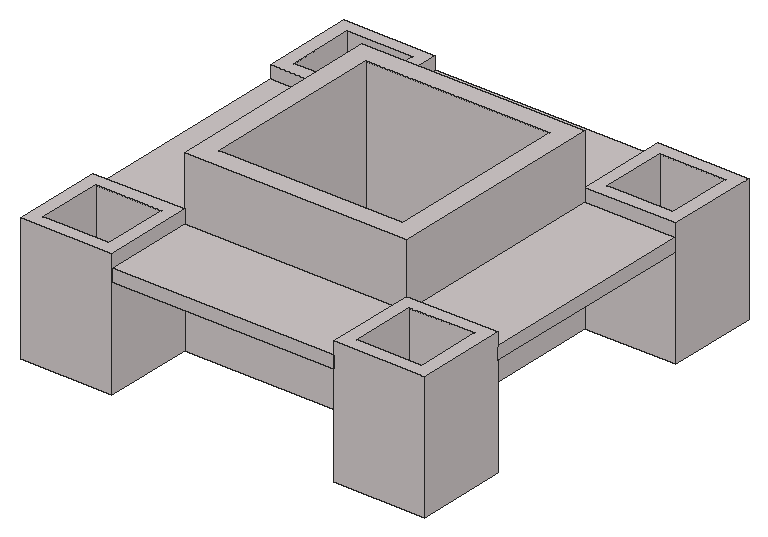
Revit family
Parameters (values of type "1600 x1600 mm")
  Width = 1600 mm
  Material of Planter = Planter Material
  Length = 1600 mm
Types (3, lengths in mm): name | Material of Planter
  (no name) | Planter Material
  2000 x 1650 mm | none
  1600 x1600 mm | Planter Material
Reference planes
  plane 1 "Center (Front/Back)": y = -5
  plane 2: z = 0
  plane 3 "Center (Left/Right)": x = 0
  plane 4: z = 700
  plane 5: x = -811.107
  plane 6: x = -450
  plane 7: x = 428.893
  plane 8: x = 788.893
  plane 9: y = 810.848
  plane 10: y = 450
  plane 11: y = -429.152
  plane 12: y = -789.152
  plane 13: z = 450
  plane 14: z = 500
Forms (mm)
  Extrusion 1, solid, material "Planter Material" <- "Material of Planter"
    sketch origin (0, 0, 0) x (1, 0, 0) y (0, 1, 0)
      loop
        line (-450, 450) -> (-450, -429.152) -> (428.893, -429.152) -> (428.893, 450) -> (-450, 450)
      loop
        line (-375, 375) -> (-375, -353.893) -> (353.893, -353.893) -> (353.893, 375) -> (-375, 375)
    from 0 to 700
  Extrusion 2, solid, material "Planter Material" <- "Material of Planter"
    sketch origin (0, 0, 0) x (1, 0, 0) y (0, 1, 0)
      loop
        line (-450, -428.893) -> (-450, -789.152) -> (428.893, -789.152) -> (428.893, -428.893) -> (-450, -428.893)
      loop
        line (-450, 450) -> (428.893, 450) -> (428.893, 810.848) -> (-450, 810.848) -> (-450, 450)
    from 400 to 450
  Extrusion 3, solid, material "Planter Material" <- "Material of Planter"
    sketch origin (0, 0, 0) x (1, 0, 0) y (0, 1, 0)
      loop
        line (428.893, 450) -> (428.893, -429.152) -> (788.893, -429.152) -> (788.893, 450) -> (428.893, 450)
      loop
        line (-450, 450) -> (-811.107, 450) -> (-811.107, -429.152) -> (-450, -429.152) -> (-450, 450)
    from 400 to 450
  Extrusion 4, solid, material "Planter Material" <- "Material of Planter"
    sketch origin (0, 0, 0) x (1, 0, 0) y (0, 1, 0)
      loop
        line (428.893, 810.848) -> (428.893, 450) -> (788.893, 450) -> (788.893, 810.848) -> (428.893, 810.848)
      loop
        line (428.893, -789.152) -> (788.893, -789.152) -> (788.893, -429.152) -> (428.893, -429.152) -> (428.893, -789.152)
      loop
        line (-811.107, -429.152) -> (-811.107, -789.152) -> (-450, -789.152) -> (-450, -429.152) -> (-811.107, -429.152)
      loop
        line (-450, 810.848) -> (-811.107, 810.848) -> (-811.107, 450) -> (-450, 450) -> (-450, 810.848)
      loop
        line (-500, 760.848) -> (-761.107, 760.848) -> (-761.107, 500) -> (-500, 500) -> (-500, 760.848)
      loop
        line (478.893, 760.848) -> (478.893, 500) -> (738.893, 500) -> (738.893, 760.848) -> (478.893, 760.848)
      loop
        line (478.893, -739.152) -> (738.893, -739.152) -> (738.893, -479.152) -> (478.893, -479.152) -> (478.893, -739.152)
      loop
        line (-761.107, -479.152) -> (-761.107, -739.152) -> (-500, -739.152) -> (-500, -479.152) -> (-761.107, -479.152)
    from 0 to 500
Dimensions and locks
  locked: plane 5 to plane 6 at 361.107
  locked: plane 7 to plane 8 at 360
  locked: plane 12 to plane 11 at 360
  locked: plane 10 to plane 9 at 360.848
  "Width": plane 12 to plane 9
  "Length": plane 5 to plane 8
  plane 4 to level = 700 mm
  plane 14 to level = 500 mm
  plane 13 to level = 450 mm
  aligned and locked: plane 4 to Extrusion 1
  aligned and locked: Extrusion 1 to Extrusion 3 sketch curve  (x2)
  aligned and locked: Extrusion 3 sketch curve to Extrusion 1  (x2)
  aligned and locked: Extrusion 3 sketch curve to Extrusion 3 sketch curve
  aligned and locked: Extrusion 2 to Extrusion 4 sketch curve  (x4)
  aligned and locked: Extrusion 4 sketch curve to Extrusion 2  (x4)
  aligned and locked: Extrusion 4 sketch curve to Extrusion 3  (x5)
  aligned and locked: Extrusion 3 to Extrusion 4 sketch curve  (x3)
  aligned and locked: plane 5 to Extrusion 3
  aligned and locked: plane 6 to Extrusion 1
  aligned and locked: Extrusion 1 to plane 7
  aligned and locked: Extrusion 3 to plane 8
  aligned and locked: plane 9 to Extrusion 2
  aligned and locked: plane 10 to Extrusion 1
  aligned and locked: Extrusion 1 to plane 11
  aligned and locked: Extrusion 2 to plane 12
  aligned and locked: plane 13 to Extrusion 3
  aligned and locked: plane 14 to Extrusion 4
Automatic sketch dimensions
  Extrusion 1 sketch curve to plane 6 = 0 mm
  Extrusion 1 sketch curve to plane 7 = 0 mm
  Extrusion 1 sketch curve to plane 11 = 0 mm
  Extrusion 1 sketch curve to plane 10 = 0 mm
  plane 6 to Extrusion 1 sketch curve = 75 mm
  Extrusion 1 sketch curve to plane 7 = 75 mm
  Extrusion 1 sketch curve to plane 11 = 75.259 mm
  plane 10 to Extrusion 1 sketch curve = 75 mm
  Extrusion 2 sketch curve to plane 6 = 0 mm  (x2)
  Extrusion 2 sketch curve to plane 7 = 0 mm  (x2)
  Extrusion 2 sketch curve to plane 12 = 0 mm
  Extrusion 2 sketch curve to plane 11 = 0.259 mm
  Extrusion 2 sketch curve to plane 10 = 0 mm
  Extrusion 2 sketch curve to plane 9 = 0 mm
  Extrusion 3 sketch curve to plane 5 = 0 mm
  Extrusion 3 sketch curve to plane 8 = 0 mm
  Extrusion 3 sketch curve to plane 11 = 0 mm
  plane 5 to Extrusion 4 sketch curve = 50 mm  (x2)
  Extrusion 4 sketch curve to plane 6 = 50 mm  (x2)
  plane 7 to Extrusion 4 sketch curve = 50 mm  (x2)
  Extrusion 4 sketch curve to plane 8 = 50 mm  (x2)
  Extrusion 4 sketch curve to plane 12 = 50 mm  (x2)
  plane 11 to Extrusion 4 sketch curve = 50 mm  (x2)
  Extrusion 4 sketch curve to plane 10 = 50 mm  (x2)
  plane 9 to Extrusion 4 sketch curve = 50 mm  (x2)
